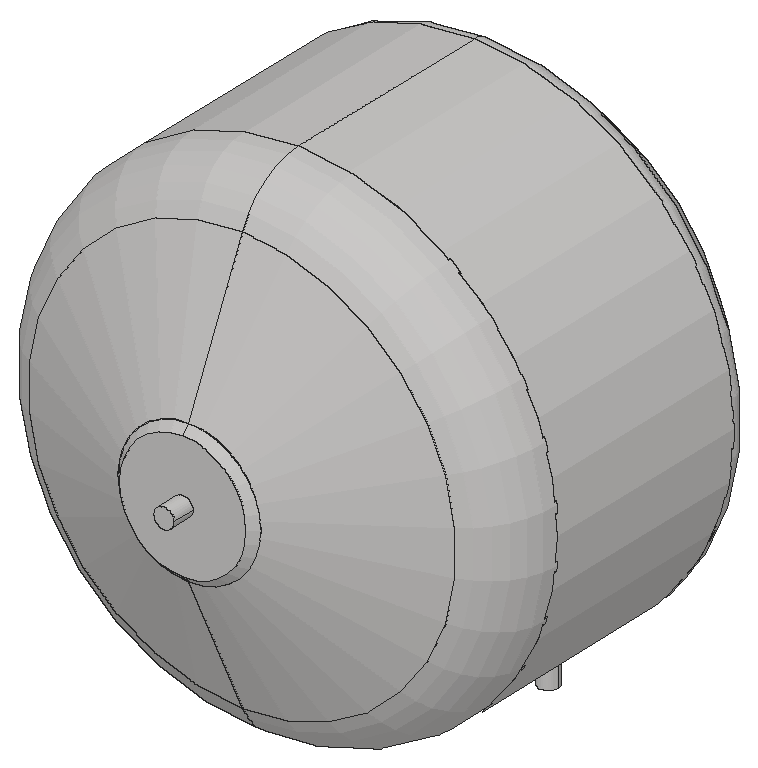
Revit family
Parameters (values of type "340 X 349 X 294")
  Heating Time (min) = "35"
  Heater Width = 330 mm
  Width = 349 mm
  URL = "http://www.kwikot.com/Products/Point%20of%20Use%20Water%20Heaters/Prisma%20Deluxe.php"
  Product Code = "PRX-10-LT"
  Operating Pressure = 700 kPa
  OmniClass Title = ""
  OmniClass Number = ""
  Modspec Classification = ""
  Specification = ""
  Material = Galvanised Steel
  Mass (Kg) = "7.6"
  Location (revit room) = ""
  Model = "Prisma Storage Water Heater PRX-10-LT"
  Manufacturer = "Kwikot"  # constant formula
  Length = 340 mm
  Element Rating = 1.2 kW
  Pipe Radius = Pipe Diameter / 2  # 6.35 mm
  Depth = 293.5 mm
  Pipe Diameter = 12.7 mm
  Colour = none
  Capacity (Litres) = 10.00 L
  Body Finish = none
  Assembly Code = "D3010500"
Reference planes
  plane 1 "Center (Front/Back)": y = 0
  plane 2 "Bottom": z = 0
  plane 3 "Center (Left/Right)": x = 0
  plane 4: z = 165
  plane 5: z = -165
  plane 6: z = -184
  plane 7: x = -170
  plane 8: x = 170
  plane 9: y = 293.5
  plane 10: y = 243.5
Forms (mm)
  Revolve 1, solid, material "Galvanised Steel" <- "Material"
    sketch origin (0, 0, 0) x (0, 1, 0) y (0, 0, 1)
      loop
        line (293.5, 0) -> (293.5, 120.858)
        arc (293.5, 120.858) -> (292.739, 124.685) -> (290.571, 127.929) r 10
        line (290.571, 127.929) -> (257.893, 160.607)
        arc (257.893, 160.607) -> (253.027, 163.858) -> (247.287, 165) r 15
        line (247.287, 165) -> (107.653, 165)
        arc (107.653, 165) -> (80.788, 157.17) -> (62.338, 136.131) r 50
        line (62.338, 136.131) -> (20, 45.337) -> (20, 0) -> (293.5, 0)
      axis (20, 0) -> (293.5, 0)
    angle from 0 to 360
  Blend 2, solid, material "Galvanised Steel" <- "Material"
    base sketch origin (0, 0, 0) x (1, 0, 0) y (0, 0, 1)
      loop
        circle (0, 0) r 45.337
    top sketch origin (0, 0, 0) x (1, 0, 0) y (0, 0, 1)
      loop
        circle (0, 0) r 40.337
    from -20 to -15
  Extrusion 3, solid, material "Galvanised Steel" <- "Material"
    sketch origin (-583.163, -1524, -165) x (-1, 0, 0) y (0, -1, 0)
      loop
        circle (-533.163, -1767.5) r 6.4
      loop
        circle (-633.163, -1767.5) r 6.4
    from 15 to -19
  Extrusion 4, solid, material "Galvanised Steel" <- "Material"
    sketch origin (0, 0, 0) x (1, 0, 0) y (0, 0, 1)
      loop
        circle (0, 0) r 6.35
    from 0 to -15
Cuts and joins
  joined: Revolve 1, Extrusion 3
Lines and regions (mm)
  symbolic lines
    curve 1: line (45.337, 20, -165) -> (-45.337, 20, -165)
    curve 2: line (-40.337, 15, -165) -> (40.337, 15, -165)
    curve 3: line (-6.35, 0, -165) -> (6.35, 0, -165)
    curve 4: line (-40.337, 15, -165) -> (-45.337, 20, -165)
    curve 5: line (40.337, 15, -165) -> (45.337, 20, -165)
    curve 6: line (6.35, 0, -165) -> (6.35, 15, -165)
    curve 7: line (-6.35, 0, -165) -> (-6.35, 15, -165)
    curve 8: line (-165, 107.653, -165) -> (-165, 247.287, -165)
    curve 9: line (165, 107.653, -165) -> (165, 247.287, -165)
    curve 10: line (-45.337, 20, -165) -> (-136.131, 62.338, -165)
    curve 11: arc (-136.131, 62.338, -165) -> (-157.17, 80.788, -165) -> (-165, 107.653, -165) r 50
    curve 12: line (45.337, 20, -165) -> (136.131, 62.338, -165)
    curve 13: arc (136.131, 62.338, -165) -> (157.17, 80.788, -165) -> (165, 107.653, -165) r 50
    curve 14: line (-160.607, 257.893, -165) -> (-127.929, 290.571, -165)
    curve 15: line (-120.858, 293.5, -165) -> (120.858, 293.5, -165)
    curve 16: line (127.929, 290.571, -165) -> (160.607, 257.893, -165)
    curve 17: arc (-165, 247.287, -165) -> (-163.858, 253.027, -165) -> (-160.607, 257.893, -165) r 15
    curve 18: arc (-127.929, 290.571, -165) -> (-124.685, 292.739, -165) -> (-120.858, 293.5, -165) r 10
    curve 19: arc (127.929, 290.571, -165) -> (124.685, 292.739, -165) -> (120.858, 293.5, -165) r 10
    curve 20: arc (165, 247.287, -165) -> (163.858, 253.027, -165) -> (160.607, 257.893, -165) r 15
Dimensions and locks
  "Heater Width": plane 4 to plane 5
  "Width": plane 4 to plane 6
  "Length": plane 7 to plane 8
  equal spacing: plane 7, plane 3 "Center (Left/Right)", plane 8
  equal spacing: plane 4, level, plane 5
  Revolve 1 sketch curve to plane 1 "Center (Front/Back)" = 20 mm
  "Depth": plane 9 to plane 1 "Center (Front/Back)"
  Extrusion 3 sketch curve to plane 3 "Center (Left/Right)" = 50 mm
  plane 3 "Center (Left/Right)" to Extrusion 3 sketch curve = 50 mm
  equal spacing: curve 8, plane 3 "Center (Left/Right)", curve 9
  "Heater Width": curve 8 to curve 9
  plane 10 to plane 9 = 50 mm
  "Pipe Radius": radius of Extrusion 4 sketch curve
  aligned and locked: plane 2 "Bottom" to level
  aligned and locked: plane 2 "Bottom" to Revolve 1 sketch curve
  aligned and locked: Revolve 1 sketch curve to plane 4
  aligned and locked: plane 9 to Revolve 1 sketch curve
  aligned and locked: Revolve 1 sketch curve to plane 2 "Bottom"
  aligned and locked: Blend 2 sketch curve to Revolve 1  (x2)
  aligned and locked: Blend 2 to Revolve 1
  aligned and locked: plane 10 to Extrusion 3 sketch curve  (x2)
  aligned and locked: Extrusion 3 to plane 6
  aligned and locked: plane 3 "Center (Left/Right)" to Extrusion 4 sketch curve
  aligned and locked: plane 2 "Bottom" to Extrusion 4 sketch curve
  aligned and locked: plane 1 "Center (Front/Back)" to Extrusion 4
  aligned and locked: Extrusion 4 to Blend 2
  aligned and locked: curve 1 to Blend 2
  aligned and locked: curve 2 to Blend 2
  aligned and locked: curve 3 to Extrusion 4
Automatic sketch dimensions
  plane 9 to Revolve 1 sketch curve = 2.929 mm
  Revolve 1 sketch curve to Revolve 1 sketch curve = 10 mm
  Revolve 1 sketch curve to plane 4 = 4.393 mm
  plane 9 to Revolve 1 sketch curve = 35.607 mm
  Revolve 1 sketch curve to Revolve 1 sketch curve = 10.607 mm
  Revolve 1 sketch curve to plane 1 "Center (Front/Back)" = 107.653 mm
  Revolve 1 sketch curve to plane 4 = 28.869 mm
  Revolve 1 sketch curve to Revolve 1 sketch curve = 45.315 mm
  plane 1 "Center (Front/Back)" to Revolve 1 sketch curve = 80 mm
  Revolve 1 sketch curve to Revolve 1 sketch curve = 86.5 mm
  level to Revolve 1 sketch curve = 45.337 mm
  Revolve 1 sketch curve to plane 4 = 44.142 mm
  Blend 2 sketch curve to Blend 2 sketch curve = 0 mm  (x2)
  Blend 2 sketch curve to plane 3 "Center (Left/Right)" = 0 mm
  Blend 2 sketch curve to level = 0 mm
  Blend 2 sketch curve to level = 40.337 mm
  plane 9 to curve 19 = 0 mm
  plane 1 "Center (Front/Back)" to curve 3 = 0 mm
  plane 8 to curve 20 = 9.393 mm
  curve 20 to curve 20 = 10.607 mm
  plane 8 to curve 12 = 33.869 mm
  plane 9 to curve 19 = 2.929 mm
  plane 8 to curve 19 = 42.071 mm
  plane 9 to curve 19 = 10 mm
  curve 9 to curve 13 = 50 mm
  plane 3 "Center (Left/Right)" to curve 5 = 45.337 mm
  curve 1 to curve 2 = 5 mm
  plane 3 "Center (Left/Right)" to curve 3 = 6.35 mm
  curve 7 to plane 3 "Center (Left/Right)" = 6.35 mm
  curve 7 to curve 4 = 33.987 mm
  curve 2 to curve 1 = 5 mm
  curve 11 to curve 8 = 50 mm
  curve 15 to plane 7 = 49.142 mm
  plane 9 to curve 14 = 2.929 mm
  curve 15 to curve 14 = 7.071 mm
  curve 10 to plane 7 = 33.869 mm
  curve 17 to curve 17 = 15 mm
  curve 14 to plane 7 = 9.393 mm
  plane 9 to curve 16 = 35.607 mm
  plane 9 to curve 17 = 35.607 mm
  curve 11 to plane 1 "Center (Front/Back)" = 107.653 mm
  curve 9 to plane 1 "Center (Front/Back)" = 107.653 mm
  radius of Extrusion 3 sketch curve = 6.4 mm  (x2)
